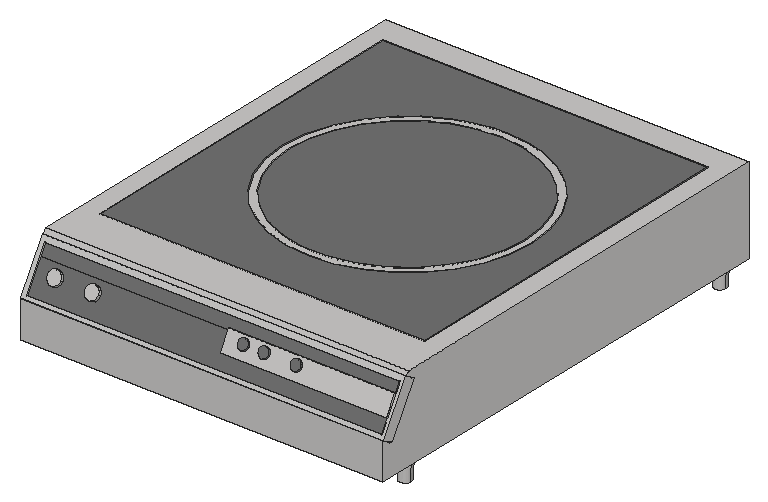
Revit family "QF_Vollrath 6954301", category Specialty Equipment, Revit 2016
Family settings
  Part Type = Normal
  Round Connector Dimension = Use Diameter
  OmniClass Number = 23.40.40.14.17.14
  OmniClass Title = Hot Plates
  Work Plane-Based = No
  Always vertical = Yes
  Cut with Voids When Loaded = No
  Shared = No
  Room Calculation Point = No
Parameters (values of type "240V")
  Weight in Pounds = 17.42
  Watts = 2600 W
  Watermarked By = "http://revitwatermark.com"
  Volts = 240 V
  URL Cutsheet = ""
  URL = "www.vollrathco.com"
  Status [instance] = ""
  Specification by User [instance] = ""
  Specification by Manufacturer = ""
  Serial Number [instance] = ""
  Seismic Rating [instance] = ""
  SMACNA No [instance] = ""
  Revision Code [instance] = ""
  Phase = 1
  Number of Poles [instance] = 1
  NAFEM Spec ID Number [instance] = ""
  Model = "6954301"
  Masterspec = ""
  Manufacturer = "Vollrath"
  Item Number [instance] = ""
  Installed By [instance] = ""
  Height AFF [instance] = 36.00"
  Furnished By [instance] = ""
  Foodservice Equipment Identifier [instance] = yes
  FL Amps = 10.8 A
  Electrical Remarks [instance] = ""
  Electric Connection Type [instance] = ""
  Elec Conn RI Height [instance] = 0.00"
  Elec Conn Connection Height [instance] = Height AFF + 2.00"  # 38.00"
  Description = "Induction Range, Countertop"
  Cycle = 60 Hz
  Conn Plug = "NEMA 6-20P"
  CSI MasterFormat = "11 42 13"
  Assembly Code = "E1090320"
  Apparent Power = if(Phase = 3, Volts * FL Amps * 1.73, Volts * FL Amps)  # 2592 VA
Types (2): name | Watts | Volts | Apparent Power
  208V | 2200 W | 208 V | 2246.4 VA
  240V | 2600 W | 240 V | 2592 VA
Reference planes (in)
  plane 1: z = 0
  plane 2 "LEFT": x = 48
  plane 3 "BACK": y = -50.065
  plane 4 "BOTTOM": z = 36
  plane 5 "FRONT": y = -66.565
  plane 6 "TOP": z = 40
  plane 7: z = 36.88
  plane 8: y = -46.065
  plane 9: z = 37.38
  plane 10: z = 39.28691
  plane 11 "RIGHT": x = 61.125
  plane 12: x = 60.97678
  plane 13: y = -63.815
  plane 14: x = 60.375
Forms (in)
  Blend 1, solid, material "QF_Finishes_Stainless Steel"
    base sketch origin (0, 0, 0) x (1, 0, 0) y (0, 1, 0)
      loop
        circle (48.59304, -50.57669) r 0.20891
    top sketch origin (0, 0, 0) x (1, 0, 0) y (0, 1, 0)
      loop
        circle (48.59304, -50.57669) r 0.25
    from 36 to 36.88
  Blend 2, solid, material "QF_Finishes_Stainless Steel"
    base sketch origin (0, -16.25, 0) x (1, 0, 0) y (0, 1, 0)
      loop
        circle (48.59304, -48.57669) r 0.20891
    top sketch origin (0, -16.25, 0) x (1, 0, 0) y (0, 1, 0)
      loop
        circle (48.59304, -48.57669) r 0.25
    from 36 to 36.88
  Extrusion 3, solid, material "QF_Finishes_Stainless Steel"
    sketch origin (48, 0, -0.15599) x (0, 1, 0) y (0, 0, 1)
      loop
        line (-63.815, 40.15599) -> (-65.42951, 40.15599) -> (-65.51415, 40.0094) -> (-65.19261, 39.82376) -> (-66.16748, 38.13523) -> (-66.565, 38.36474) -> (-66.565, 37.03599) -> (-63.815, 37.03599) -> (-63.815, 40.15599)
    from 0 to 13.125
  Blend 4, solid, material "QF_Finishes_Stainless Steel"
    base sketch origin (14.75, 0, 0) x (1, 0, 0) y (0, 1, 0)
      loop
        circle (45.76982, -50.57669) r 0.20891
    top sketch origin (14.75, 0, 0) x (1, 0, 0) y (0, 1, 0)
      loop
        circle (45.76982, -50.57669) r 0.25
    from 36 to 36.88
  Blend 5, solid, material "QF_Finishes_Stainless Steel"
    base sketch origin (14.75, -16.25, 0) x (1, 0, 0) y (0, 1, 0)
      loop
        circle (45.76982, -48.57669) r 0.20891
    top sketch origin (14.75, -16.25, 0) x (1, 0, 0) y (0, 1, 0)
      loop
        circle (45.76982, -48.57669) r 0.25
    from 36 to 36.88
  Extrusion 6, solid, material "QF_Finishes_Stainless Steel"
    sketch origin (0, 0, 0) x (1, 0, 0) y (0, 1, 0)
      loop
        line (48, -50.065) -> (48, -64.065) -> (61.125, -64.065) -> (61.125, -50.065) -> (48, -50.065)
      loop
        circle (54.75625, -57.51074) r 4.5
      loop
        circle (54.75625, -57.51074) r 4.25
      loop
        line (48.66604, -51.00578) -> (48.66604, -63.815) -> (60.41604, -63.815) -> (60.41604, -51.00578) -> (48.66604, -51.00578)
    from 36.88 to 40
  Extrusion 7, solid, material "QF_Finishes_Dark Grey"
    sketch origin (0, -0.55922, 0) x (1, 0, 0) y (0, 1, 0)
      loop
        line (48.66604, -50.44655) -> (48.66604, -63.25578) -> (60.41604, -63.25578) -> (60.41604, -50.44655) -> (48.66604, -50.44655)
      loop
        circle (54.75625, -56.95152) r 4.5
      loop
        circle (54.75625, -56.95152) r 4.25
    from 40 to 36.88
  Extrusion 8, solid, material "QF_Finishes_Stainless Steel"
    sketch origin (0, -64.56679, 17.52166) x (1, 0, 0) y (0, 0.5, 0.866025)
      loop
        line (60.97678, 18.32013) -> (54.98068, 18.32013) -> (54.98068, 17.57013) -> (60.97678, 17.57013) -> (60.97678, 18.32013)
      loop
        spline (48.61871, 17.82392) -> (48.62723, 17.75922) -> (48.6522, 17.69894) -> (48.69193, 17.64717) -> (48.74371, 17.60744) -> (48.804, 17.58247) -> (48.86871, 17.57395) -> (48.93341, 17.58247) -> (48.99371, 17.60744) -> (49.04548, 17.64717) -> (49.08521, 17.69894) -> (49.11019, 17.75922) -> (49.11871, 17.82392)
        spline (49.11871, 17.82392) -> (49.11019, 17.88861) -> (49.08521, 17.9489) -> (49.04548, 18.00067) -> (48.99371, 18.04039) -> (48.93341, 18.06536) -> (48.86871, 18.07388) -> (48.804, 18.06536) -> (48.74371, 18.04039) -> (48.69193, 18.00067) -> (48.6522, 17.9489) -> (48.62723, 17.88861) -> (48.61871, 17.82392)
      loop
        spline (49.97493, 17.82392) -> (49.98345, 17.75922) -> (50.00843, 17.69894) -> (50.04816, 17.64717) -> (50.09993, 17.60744) -> (50.16023, 17.58247) -> (50.22493, 17.57395) -> (50.28964, 17.58247) -> (50.34993, 17.60744) -> (50.40171, 17.64717) -> (50.44144, 17.69894) -> (50.46642, 17.75922) -> (50.47493, 17.82392)
        spline (50.47493, 17.82392) -> (50.46642, 17.88861) -> (50.44144, 17.9489) -> (50.40171, 18.00067) -> (50.34993, 18.04039) -> (50.28964, 18.06536) -> (50.22493, 18.07388) -> (50.16023, 18.06536) -> (50.09993, 18.04039) -> (50.04816, 18.00067) -> (50.00843, 17.9489) -> (49.98345, 17.88861) -> (49.97493, 17.82392)
    from 11.61014 to 12.07405
  Extrusion 9, solid, material "QF_Finishes_Grey"
    sketch origin (0, -64.56679, 17.52166) x (1, 0, 0) y (0, 0.5, 0.866025)
      loop
        line (48.14465, 18.66908) -> (48.14465, 17.06023) -> (60.97678, 17.06023) -> (60.97678, 17.57013) -> (54.98068, 17.57013) -> (54.98068, 18.32013) -> (60.97678, 18.32013) -> (60.97678, 18.66908) -> (48.14465, 18.66908)
    from 11.61014 to 12
  Extrusion 10, solid, material "QF_Finishes_Grey"
    sketch origin (0, -64.9632, 17.50536) x (1, 0, 0) y (0, 0.515038, 0.857167)
      loop
        line (48.14465, 18.66908) -> (48.14465, 17.06023) -> (60.97678, 17.06023) -> (60.97678, 17.57013) -> (54.98068, 17.57013) -> (54.98068, 18.32013) -> (60.97678, 18.32013) -> (60.97678, 18.66908) -> (48.14465, 18.66908)
      loop
        circle (48.86871, 17.82952) r 0.25
      loop
        circle (50.22493, 17.82952) r 0.25
    from 11.61014 to 11.9853
  Extrusion 11, solid, material "QF_Finishes_Stainless Steel"
    sketch origin (0, -58.85409, 5.27063) x (1, 0, 0) y (0, 0.515038, 0.857167)
      loop
        line (48.14465, 26.00986) -> (48.14465, 24.40101) -> (60.97678, 24.40101) -> (60.97678, 26.00986) -> (48.14465, 26.00986)
      loop
        line (48, 26.21304) -> (48, 24.28924) -> (61.125, 24.28924) -> (61.125, 26.21304) -> (48, 26.21304)
    from 23.14803 to 23.53789
  Extrusion 12, solid, material "QF_Finishes_Stainless Steel", not visible
    sketch origin (0, -64.56679, 3.83166) x (1, 0, 0) y (0, 0.5, 0.866025)
      loop
        line (60.97678, 18.32013) -> (54.98068, 18.32013) -> (54.98068, 17.57013) -> (60.97678, 17.57013) -> (60.97678, 18.32013)
      loop
        spline (48.61871, 17.82392) -> (48.62723, 17.75922) -> (48.6522, 17.69894) -> (48.69193, 17.64717) -> (48.74371, 17.60744) -> (48.804, 17.58247) -> (48.86871, 17.57395) -> (48.93341, 17.58247) -> (48.99371, 17.60744) -> (49.04548, 17.64717) -> (49.08521, 17.69894) -> (49.11019, 17.75922) -> (49.11871, 17.82392)
        spline (49.11871, 17.82392) -> (49.11019, 17.88861) -> (49.08521, 17.9489) -> (49.04548, 18.00067) -> (48.99371, 18.04039) -> (48.93341, 18.06536) -> (48.86871, 18.07388) -> (48.804, 18.06536) -> (48.74371, 18.04039) -> (48.69193, 18.00067) -> (48.6522, 17.9489) -> (48.62723, 17.88861) -> (48.61871, 17.82392)
      loop
        spline (49.97493, 17.82392) -> (49.98345, 17.75922) -> (50.00843, 17.69894) -> (50.04816, 17.64717) -> (50.09993, 17.60744) -> (50.16023, 17.58247) -> (50.22493, 17.57395) -> (50.28964, 17.58247) -> (50.34993, 17.60744) -> (50.40171, 17.64717) -> (50.44144, 17.69894) -> (50.46642, 17.75922) -> (50.47493, 17.82392)
        spline (50.47493, 17.82392) -> (50.46642, 17.88861) -> (50.44144, 17.9489) -> (50.40171, 18.00067) -> (50.34993, 18.04039) -> (50.28964, 18.06536) -> (50.22493, 18.07388) -> (50.16023, 18.06536) -> (50.09993, 18.04039) -> (50.04816, 18.00067) -> (50.00843, 17.9489) -> (49.98345, 17.88861) -> (49.97493, 17.82392)
    from 11.61014 to 12.07405
  Extrusion 13, solid, material "QF_Finishes_Grey", not visible
    sketch origin (0, -64.56679, 3.83166) x (1, 0, 0) y (0, 0.5, 0.866025)
      loop
        line (48.14465, 18.66908) -> (48.14465, 17.06023) -> (60.97678, 17.06023) -> (60.97678, 17.57013) -> (54.98068, 17.57013) -> (54.98068, 18.32013) -> (60.97678, 18.32013) -> (60.97678, 18.66908) -> (48.14465, 18.66908)
    from 11.61014 to 12
  Extrusion 14, solid, material "QF_Finishes_Stainless Steel", not visible
    sketch origin (0, -64.9632, 3.81536) x (1, 0, 0) y (0, 0.515038, 0.857167)
      loop
        circle (49.3871, 17.97648) r 0.5
      loop
        circle (50.73528, 17.50291) r 0.16823
      loop
        circle (51.48528, 17.50291) r 0.16823
      loop
        circle (51.48528, 18.10865) r 0.16823
      loop
        circle (52.23528, 18.10865) r 0.16823
      loop
        circle (52.23528, 17.50291) r 0.16823
      loop
        circle (52.98528, 17.50291) r 0.16823
      loop
        circle (52.98528, 18.10865) r 0.16823
      loop
        circle (53.73528, 18.10865) r 0.16823
      loop
        circle (53.73528, 17.50291) r 0.16823
      loop
        circle (54.48528, 17.50291) r 0.16823
      loop
        circle (54.48528, 18.10865) r 0.16823
      loop
        circle (55.34478, 18.10865) r 0.16823
      loop
        circle (55.34478, 17.50291) r 0.16823
      loop
        circle (56.09478, 18.10865) r 0.16823
      loop
        circle (56.09478, 17.50291) r 0.16823
      loop
        line (58.53358, 18.32013) -> (56.86818, 18.32013) -> (56.86818, 17.57013) -> (58.53358, 17.57013) -> (58.53358, 18.32013)
      loop
        circle (59.72315, 17.97648) r 0.5
      loop
        circle (50.73528, 18.10865) r 0.16823
    from 11.61014 to 12
  Extrusion 15, solid, material "QF_Finishes_Grey", not visible
    sketch origin (0, -64.9632, 3.81536) x (1, 0, 0) y (0, 0.515038, 0.857167)
      loop
        line (48.14465, 18.66908) -> (48.14465, 17.06023) -> (60.97678, 17.06023) -> (60.97678, 17.57013) -> (54.98068, 17.57013) -> (54.98068, 18.32013) -> (60.97678, 18.32013) -> (60.97678, 18.66908) -> (48.14465, 18.66908)
      loop
        circle (48.86871, 17.82952) r 0.25
      loop
        circle (50.22493, 17.82952) r 0.25
    from 11.61014 to 11.9853
  Extrusion 16, solid, material "QF_Finishes_Stainless Steel", not visible
    sketch origin (0, -58.85409, -8.41937) x (1, 0, 0) y (0, 0.515038, 0.857167)
      loop
        line (48.14465, 26.00986) -> (48.14465, 24.40101) -> (60.97678, 24.40101) -> (60.97678, 26.00986) -> (48.14465, 26.00986)
      loop
        line (48, 26.21304) -> (48, 24.28924) -> (61.125, 24.28924) -> (61.125, 26.21304) -> (48, 26.21304)
    from 23.14803 to 23.53789
  Extrusion 17, solid, material "QF_Finishes_Stainless Steel"
    sketch origin (-11.5, -50.065, 0) x (1, 0, 0) y (0, 0, 1)
      loop
        circle (60.375, 37.38) r 0.25
    from 0 to -0.28954
  Extrusion 18, solid, material "QF_Finishes_Clearances", detail levels coarse
    sketch origin (0, 0, 0) x (1, 0, 0) y (0, 1, 0)
      loop
        line (48, -46.065) -> (48, -50.065) -> (61.125, -50.065) -> (61.125, -46.065) -> (48, -46.065)
    from 40 to 36
  Extrusion 19, solid, material "QF_Finishes_Dark Grey"
    sketch origin (0, -71.73783, -2.67962) x (1, 0, 0) y (0, 0.5, 0.866025)
      loop
        circle (55.63635, 39.10224) r 0.18466
      loop
        circle (56.38635, 39.10224) r 0.18466
      loop
        circle (57.54719, 39.10224) r 0.18466
    from 15.50537 to 16.00048
Cuts and joins
  joined: Extrusion 3, Extrusion 6
Lines and regions (in)
  symbolic lines
    curve 1: line (61.125, -50.065, 0) -> (48, -50.065, 0)
    curve 2: line (48, -50.065, 0) -> (48, -66.565, 0)
    curve 3: line (61.125, -66.565, 0) -> (61.125, -50.065, 0)
    curve 4: line (61.125, -65.19261, 0) -> (48, -65.19261, 0)
    curve 5: line (48, -66.565, 0) -> (61.125, -66.565, 0)
    curve 6: line (48.66604, -63.72132, 0) -> (60.41604, -63.72132, 0)
    curve 7: line (48.66604, -51.00578, 0) -> (48.66604, -63.72132, 0)
    curve 8: line (60.41604, -51.00578, 0) -> (48.66604, -51.00578, 0)
    curve 9: line (60.41604, -63.72132, 0) -> (60.41604, -51.00578, 0)
    curve 10: arc (50.25625, -57.51074, 0) -> (54.75625, -53.01074, 0) -> (59.25625, -57.51074, 0) r 4.5
    curve 11: arc (59.00625, -57.51074, 0) -> (54.75625, -53.26074, 0) -> (50.50625, -57.51074, 0) r 4.25
    curve 12: arc (50.50625, -57.51074, 0) -> (54.75625, -61.76074, 0) -> (59.00625, -57.51074, 0) r 4.25
    curve 13: arc (59.25625, -57.51074, 0) -> (54.75625, -62.01074, 0) -> (50.25625, -57.51074, 0) r 4.5
Dimensions and locks (in)
  "Height AFF": plane 4 "BOTTOM" to level
  plane 5 "FRONT" to plane 3 "BACK" = 16.50"
  locked: plane 3 "BACK" to plane 8 at 4
  plane 7 to plane 4 "BOTTOM" = 0.88"
  Blend 1 sketch curve to plane 3 "BACK" = 0.51168"
  locked: Blend 1 sketch curve to plane 3 "BACK" at 0.51168
  plane 6 "TOP" to plane 7 = 3.12"
  locked: plane 9 to plane 7 at 0.5
  locked: plane 6 "TOP" to plane 10 at 0.71309
  plane 2 "LEFT" to plane 11 "RIGHT" = 13.125"
  locked: plane 6 "TOP" to Extrusion 9 at 0.61265
  locked: plane 6 "TOP" to Extrusion 11 at 0.1375
  aligned and locked: level to plane 1
  aligned and locked: plane 7 to Blend 2
  aligned and locked: Blend 2 to plane 4 "BOTTOM"
  aligned and locked: plane 7 to Blend 1
  aligned and locked: Blend 1 to plane 4 "BOTTOM"
  aligned and locked: plane 7 to Blend 5
  aligned and locked: Blend 5 to plane 4 "BOTTOM"
  aligned and locked: plane 7 to Blend 4
  aligned and locked: Blend 4 to plane 4 "BOTTOM"
  aligned and locked: plane 6 "TOP" to Extrusion 6
  aligned and locked: Extrusion 6 to plane 7
  aligned and locked: plane 7 to Extrusion 7
  aligned and locked: plane 6 "TOP" to Extrusion 7
  aligned and locked: plane 2 "LEFT" to Extrusion 18 sketch curve
  aligned and locked: Extrusion 18 sketch curve to cut or joined group of Extrusion 3, Extrusion 6  (x2)
  aligned and locked: plane 4 "BOTTOM" to Extrusion 18
  aligned and locked: plane 6 "TOP" to Extrusion 18
Automatic sketch dimensions
  plane 2 "LEFT" to Blend 1 sketch curve = 0.59304"  (x2)
  plane 2 "LEFT" to Blend 2 sketch curve = 0.59304"  (x2)
  plane 5 "FRONT" to Blend 2 sketch curve = 1.73832"  (x2)
  Extrusion 3 sketch curve to plane 5 "FRONT" = 0.00"
  Extrusion 3 sketch curve to plane 6 "TOP" = 0.00"
  Extrusion 3 sketch curve to plane 7 = 0.00"
  plane 5 "FRONT" to Extrusion 3 sketch curve = 0.39752"
  Extrusion 3 sketch curve to plane 6 "TOP" = 0.14659"
  plane 5 "FRONT" to Extrusion 3 sketch curve = 1.05085"
  Extrusion 3 sketch curve to Extrusion 3 sketch curve = 0.08463"
  Extrusion 3 sketch curve to plane 6 "TOP" = 0.33223"
  Extrusion 3 sketch curve to Extrusion 3 sketch curve = 2.35248"
  plane 12 to Blend 4 sketch curve = 0.45696"  (x2)
  plane 3 "BACK" to Blend 4 sketch curve = 0.51168"  (x2)
  plane 12 to Blend 5 sketch curve = 0.45696"  (x2)
  plane 5 "FRONT" to Blend 5 sketch curve = 1.73832"  (x2)
  Extrusion 6 sketch curve to Extrusion 6 sketch curve = 0.00"  (x2)
  Extrusion 6 sketch curve to plane 2 "LEFT" = 0.00"
  plane 3 "BACK" to Extrusion 6 sketch curve = 0.00"
  Extrusion 6 sketch curve to plane 11 "RIGHT" = 0.00"
  plane 2 "LEFT" to Extrusion 6 sketch curve = 0.66604"
  plane 12 to Extrusion 6 sketch curve = 6.22053"
  plane 12 to Extrusion 6 sketch curve = 0.56073"
  plane 3 "BACK" to Extrusion 6 sketch curve = 0.94078"
  plane 3 "BACK" to Extrusion 6 sketch curve = 7.44574"
  plane 5 "FRONT" to Extrusion 6 sketch curve = 2.75"
  Extrusion 6 sketch curve to Extrusion 6 sketch curve = 0.25"
  Extrusion 7 sketch curve to Extrusion 7 sketch curve = 0.00"  (x12)
  plane 2 "LEFT" to Extrusion 7 sketch curve = 0.66604"
  plane 2 "LEFT" to Extrusion 7 sketch curve = 2.25625"
  Extrusion 7 sketch curve to Extrusion 7 sketch curve = 0.25"
  Extrusion 7 sketch curve to Extrusion 7 sketch curve = 4.25"
  plane 12 to Extrusion 7 sketch curve = 0.56073"
  plane 5 "FRONT" to Extrusion 7 sketch curve = 2.75"
  plane 3 "BACK" to Extrusion 7 sketch curve = 7.44574"
  plane 3 "BACK" to Extrusion 7 sketch curve = 0.94078"
  Extrusion 8 sketch curve to Extrusion 8 sketch curve = 5.9961"
  Extrusion 11 sketch curve to Extrusion 11 sketch curve = 0.11176"
  Extrusion 11 sketch curve to Extrusion 11 sketch curve = 1.60885"
  Extrusion 11 sketch curve to Extrusion 11 sketch curve = 0.20318"
  Extrusion 11 sketch curve to Extrusion 11 sketch curve = 0.14465"
  Extrusion 11 sketch curve to Extrusion 11 sketch curve = 12.83212"
  Extrusion 11 sketch curve to Extrusion 11 sketch curve = 0.14822"
  Extrusion 12 sketch curve to Extrusion 12 sketch curve = 5.9961"
  Extrusion 14 sketch curve to Extrusion 14 sketch curve = 0.50"  (x2)
  Extrusion 14 sketch curve to Extrusion 14 sketch curve = 0.67995"
  Extrusion 14 sketch curve to Extrusion 14 sketch curve = 0.00"  (x48)
  Extrusion 14 sketch curve to Extrusion 14 sketch curve = 0.16823"  (x16)
  Extrusion 14 sketch curve to Extrusion 14 sketch curve = 0.41354"  (x12)
  Extrusion 14 sketch curve to Extrusion 14 sketch curve = 0.52304"  (x2)
  Extrusion 14 sketch curve to Extrusion 14 sketch curve = 0.60517"
  Extrusion 14 sketch curve to Extrusion 14 sketch curve = 1.6654"
  Extrusion 14 sketch curve to Extrusion 14 sketch curve = 0.68957"
  Extrusion 14 sketch curve to Extrusion 14 sketch curve = 0.60574"  (x4)
  Extrusion 16 sketch curve to Extrusion 16 sketch curve = 0.11176"
  Extrusion 14 sketch curve to Extrusion 14 sketch curve = 0.06722"
  Extrusion 14 sketch curve to Extrusion 14 sketch curve = 0.40635"
  Extrusion 14 sketch curve to Extrusion 14 sketch curve = 0.13217"
  Extrusion 14 sketch curve to Extrusion 14 sketch curve = 0.21148"
  Extrusion 16 sketch curve to Extrusion 16 sketch curve = 1.60885"
  Extrusion 16 sketch curve to Extrusion 16 sketch curve = 0.20318"
  Extrusion 16 sketch curve to Extrusion 16 sketch curve = 0.14465"
  Extrusion 16 sketch curve to Extrusion 16 sketch curve = 12.83212"
  Extrusion 16 sketch curve to Extrusion 16 sketch curve = 0.14822"
  Extrusion 8 sketch curve to Extrusion 8 sketch curve = 0.75"
  Extrusion 9 sketch curve to Extrusion 9 sketch curve = 5.9961"
  Extrusion 9 sketch curve to Extrusion 9 sketch curve = 0.00"
  Extrusion 9 sketch curve to Extrusion 9 sketch curve = 0.50991"
  Extrusion 9 sketch curve to Extrusion 9 sketch curve = 0.75"
  Extrusion 9 sketch curve to Extrusion 9 sketch curve = 1.60885"
  Extrusion 12 sketch curve to Extrusion 12 sketch curve = 0.75"
  Extrusion 13 sketch curve to Extrusion 13 sketch curve = 5.9961"
  Extrusion 13 sketch curve to Extrusion 13 sketch curve = 0.00"
  Extrusion 13 sketch curve to Extrusion 13 sketch curve = 0.50991"
  Extrusion 13 sketch curve to Extrusion 13 sketch curve = 0.75"
  Extrusion 13 sketch curve to Extrusion 13 sketch curve = 1.60885"
  Extrusion 9 sketch curve to Extrusion 9 sketch curve = 6.83603"
  Extrusion 13 sketch curve to Extrusion 13 sketch curve = 6.83603"
  Extrusion 17 sketch curve to plane 9 = 0.00"
  plane 14 to Extrusion 17 sketch curve = 11.50"
  curve 10 to curve 11 = 0.00"
  curve 10 to curve 12 = 0.00"
  curve 5 to plane 2 "LEFT" = 0.00"
  curve 3 to plane 5 "FRONT" = 0.00"
  curve 3 to plane 11 "RIGHT" = 0.00"
  plane 3 "BACK" to curve 2 = 0.00"
  curve 7 to plane 13 = 0.09368"
  plane 2 "LEFT" to curve 7 = 0.66604"
  plane 2 "LEFT" to curve 13 = 2.25625"
  curve 10 to curve 11 = 0.25"
  curve 11 to curve 13 = 4.25"
  curve 9 to plane 14 = 0.04104"
  curve 2 to curve 4 = 1.37239"
  curve 12 to plane 13 = 6.30426"
  plane 3 "BACK" to curve 8 = 0.94078"
  Extrusion 18 sketch curve to plane 8 = 0.00"
  Extrusion 10 sketch curve to Extrusion 10 sketch curve = 0.72405"
  Extrusion 10 sketch curve to Extrusion 10 sketch curve = 1.35623"
  Extrusion 10 sketch curve to Extrusion 10 sketch curve = 4.75575"
  Extrusion 10 sketch curve to Extrusion 10 sketch curve = 0.00"
  Extrusion 10 sketch curve to Extrusion 10 sketch curve = 0.50991"
  Extrusion 10 sketch curve to Extrusion 10 sketch curve = 0.7693"  (x2)
  Extrusion 10 sketch curve to Extrusion 10 sketch curve = 0.75"
  Extrusion 10 sketch curve to Extrusion 10 sketch curve = 0.83956"
  Extrusion 8 sketch curve to Extrusion 8 sketch curve = 0.25"  (x2)
  Extrusion 8 sketch curve to Extrusion 8 sketch curve = 5.86197"
  Extrusion 8 sketch curve to Extrusion 8 sketch curve = 0.25379"
  Extrusion 8 sketch curve to Extrusion 8 sketch curve = 0.85623"
  Extrusion 8 sketch curve to Extrusion 8 sketch curve = 0.00"
  Extrusion 15 sketch curve to Extrusion 15 sketch curve = 0.72405"
  Extrusion 15 sketch curve to Extrusion 15 sketch curve = 1.35623"
  Extrusion 15 sketch curve to Extrusion 15 sketch curve = 4.75575"
  Extrusion 15 sketch curve to Extrusion 15 sketch curve = 0.00"
  Extrusion 15 sketch curve to Extrusion 15 sketch curve = 0.50991"
  Extrusion 15 sketch curve to Extrusion 15 sketch curve = 0.7693"  (x2)
  Extrusion 15 sketch curve to Extrusion 15 sketch curve = 0.75"
  Extrusion 15 sketch curve to Extrusion 15 sketch curve = 0.83956"
  Extrusion 12 sketch curve to Extrusion 12 sketch curve = 0.25"  (x2)
  Extrusion 12 sketch curve to Extrusion 12 sketch curve = 5.86197"
  Extrusion 12 sketch curve to Extrusion 12 sketch curve = 0.25379"
  Extrusion 12 sketch curve to Extrusion 12 sketch curve = 0.85623"
  Extrusion 12 sketch curve to Extrusion 12 sketch curve = 0.00"
  Extrusion 10 sketch curve to Extrusion 10 sketch curve = 5.9961"
  Extrusion 15 sketch curve to Extrusion 15 sketch curve = 5.9961"
  plane 14 to Extrusion 19 sketch curve = 4.73865"
  Extrusion 19 sketch curve to Extrusion 19 sketch curve = 0.75"
  Extrusion 19 sketch curve to Extrusion 19 sketch curve = 1.16084"
  Extrusion 19 sketch curve to Extrusion 19 sketch curve = 0.00"  (x2)
  radius of Blend 1 sketch curve = 0.20891"
  radius of Blend 1 sketch curve = 0.25"
  radius of Blend 2 sketch curve = 0.20891"
  radius of Blend 2 sketch curve = 0.25"
  radius of Blend 4 sketch curve = 0.20891"
  radius of Blend 4 sketch curve = 0.25"
  radius of Blend 5 sketch curve = 0.20891"
  radius of Blend 5 sketch curve = 0.25"
  radius of Extrusion 6 sketch curve = 4.50"
  radius of Extrusion 6 sketch curve = 4.25"
  radius of Extrusion 17 sketch curve = 0.25"
  radius of Extrusion 10 sketch curve = 0.25"  (x2)
  radius of Extrusion 15 sketch curve = 0.25"  (x2)
  radius of Extrusion 19 sketch curve = 0.18466"  (x3)
Connectors (in)
  electrical at (48.875, -49.77546, 37.38), driven by "Number of Poles", driven by "Volts", driven by "Apparent Power"
    settings: on Extrusion 17, index 1, voltage 240 V, apparent load 2592 VA, apparent load phase1 0 VA, apparent load phase2 0 VA, apparent load phase3 0 VA, power factor 1, load classification "Other", number of poles 1, system type 30, power factor state 1, is connector primary yes, connector utility no, sub classification motor no, connector description "Electric Connection"
